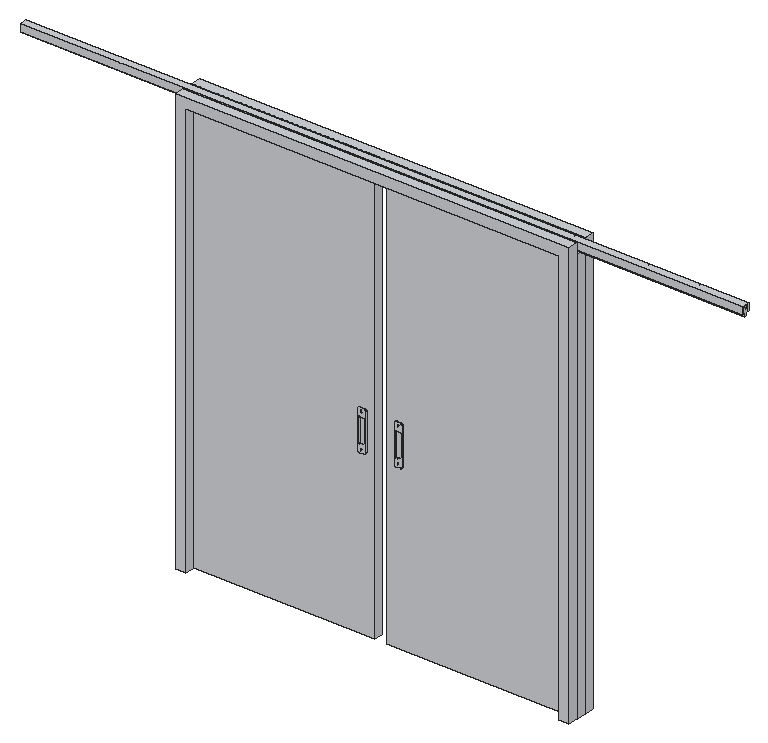
Revit family "Porta de correr sem revestimento - 2 Painéis embutidos na parede", category Portas, Revit 2019
Family settings
  Hospedeiro = Parede
  Número OmniClass = 23.30.10.00
  Título OmniClass = Doors
  Sempre na vertical = Sim
  Corte com vazios quando carregada = Não
  Compartilhado = Não
  Ponto de cálculo do ambiente = Não
Parameters (values of type "920 x 2100mm")
  Visual Light Transmittance = 0
  Espessura = 45 mm
  Solar Heat Gain Coefficient = 0
  Material deslizante = none
  Rough Width = 1940 mm
  Rough Height = 2100 mm
  Largura do painel = (Width - Largura da estrutura * 2) / 2  # 920 mm
  ID do tipo de construção = ""
  Coeficiente de transferência de calor (U) = 3.7021 W/(m²·K)
  Material do puxador = none
  Estender largura = Largura do painel - 60 mm  # 860 mm
  Material do painel = none
  Função = Interior
  Largura da estrutura = 50 mm
  Height = Rough Height  # 2100 mm
  Fechamento da parede = Por hospedeiro
  Width = Rough Width  # 1940 mm
  Material da moldura = none
  Construção analítica = Metal
Types (5, lengths in mm): name | Rough Width | Largura do painel | Estender largura | Width
  (no name) | 1940 | 920 | 860 | 1940
  920 x 2100mm | 1940 | 920 | 860 | 1940
  620 x 2100mm | 1340 | 620 | 560 | 1340
  720 x 2100mm | 1540 | 720 | 660 | 1540
  820 x 2100mm | 1740 | 820 | 760 | 1740
Reference planes
  plane 1 "Centro (Frente/Trás)": y = 0
  plane 2 "Centro (Esquerda/Direita)": x = 0
  plane 3 "Esquerda": x = -970
  plane 4 "Direita": x = 970
  plane 5: z = 2100
  plane 6 "Exterior": y = 75
  plane 7 "Interior": y = -75
  plane 8: z = 0
  plane 9: x = -920
  plane 10: x = 920
  plane 11: y = 22.5
  plane 12: y = -22.5
  plane 13: y = 27.5
  plane 14: y = -27.5
  plane 15: x = -1780
  plane 16: x = -510
  plane 17: x = -1430
  plane 18: z = 1050
  plane 19: z = 900
  plane 20: x = -30
  plane 21: x = 30
  plane 22: x = -90
  plane 23: x = 90
  plane 24: x = 510
  plane 25: x = 1430
  plane 26: x = 1780
  plane 27: x = -647.5
  plane 28: x = -372.5
  plane 29: through (-647.5, -300, 1050) normal (-0.5, 0, 0.866)
  plane 30: through (-647.5, -300, 1050) normal (0.5, 0, 0.866)
  plane 31: x = 647.5
  plane 32: x = 372.5
  plane 33: through (647.5, -300, 1050) normal (-0.5, 0, -0.866)
  plane 34: through (647.5, -300, 1050) normal (0.5, 0, -0.866)
Forms (mm)
  Sweep 1, solid, material <- "Material deslizante", detail levels fine
    path origin (0, 0, 0) x (1, 0, 0) y (0, 0, 1)
      loop
        line (1780, 2100) -> (-1780, 2100)
    profile "Perfil_Deslizante_M : Perfil_Deslizante_M" origin (0, 0, 2100) x (0, 0, -1) y (0, -1, 0)
      loop
        line (33, 2.875) -> (35, 2.875) -> (35, 17.5) -> (0, 17.5) -> (0, -17.5) -> (35, -17.5) -> (35, -2.875) -> (33, -2.875) -> (33, -15.5) -> (2, -15.5) -> (2, 15.5) -> (33, 15.5) -> (33, 2.875)
      loop
        line (21.25, -5.875) -> (21.25, -1.25) -> (50, -1.25) -> (50, 1.25) -> (21.25, 1.25) -> (21.25, 5.875) -> (32, 5.875) -> (32, 10.875) -> (8.25, 10.875) -> (8.25, 5.875) -> (18.75, 5.875) -> (18.75, -5.875) -> (8.25, -5.875) -> (8.25, -10.875) -> (32, -10.875) -> (32, -5.875) -> (21.25, -5.875)
  Extrusion 2, solid, material <- "Material do painel", detail levels medium+fine
    sketch origin (0, 0, 2100) x (0, -1, 0) y (-1, 0, 0)
      loop
        line (-22.5, 970) -> (-22.5, 30) -> (22.5, 30) -> (22.5, 970) -> (-22.5, 970)
    from 50 to 2100
  Extrusion 3, solid, material <- "Material do painel", detail levels fine
    sketch origin (0, 0, 2100) x (0, -1, 0) y (-1, 0, 0)
      loop
        line (-22.5, -30) -> (-22.5, -970) -> (22.5, -970) -> (22.5, -30) -> (-22.5, -30)
    from 50 to 2100
  Sweep 4, solid, material <- "Material da moldura", detail levels medium+fine
    path origin (0, 0, 0) x (1, 0, 0) y (0, 0, 1)
      loop
        line (-970, 0) -> (-970, 2100) -> (970, 2100) -> (970, 0)
    profile origin (-970, 0, 1050) x (-1, 0, 0) y (0, -1, 0)
      loop
        line (0, -75) -> (0, -27.5) -> (-50, -27.5) -> (-50, -75) -> (0, -75)
  Sweep 5, solid, material <- "Material da moldura", detail levels medium+fine
    path origin (0, 0, 0) x (1, 0, 0) y (0, 0, 1)
      loop
        line (-970, 0) -> (-970, 2100) -> (970, 2100) -> (970, 0)
    profile origin (-970, 0, 1050) x (-1, 0, 0) y (0, -1, 0)
      loop
        line (0, 27.5) -> (0, 75) -> (-50, 75) -> (-50, 27.5) -> (0, 27.5)
  Extrusion 6, solid, material <- "Material do painel", detail levels coarse+medium
    sketch origin (0, 0, 2100) x (0, -1, 0) y (-1, 0, 0)
      loop
        line (-27.5, 970) -> (-27.5, 30) -> (27.5, 30) -> (27.5, 970) -> (-27.5, 970)
    from 0 to 2100
  Extrusion 7, solid, material <- "Material do painel", detail levels coarse+medium
    sketch origin (0, 0, 2100) x (0, -1, 0) y (-1, 0, 0)
      loop
        line (-27.5, -30) -> (-27.5, -970) -> (27.5, -970) -> (27.5, -30) -> (-27.5, -30)
    from 0 to 2100
Lines and regions (mm)
  Opening 1
    outline origin (-3739.296, -75, 0) x (1, 0, 0) y (0, 0, 1)
      loop
        line (2769.296, 0) -> (4709.296, 0) -> (4709.296, 2100) -> (2769.296, 2100) -> (2769.296, 0)
  Masking region 1
    outline origin (0, 0, 2100) x (0, -1, 0) y (1, 0, 0)
      loop
        line (-27.5, -1780) -> (27.5, -1780) -> (27.5, -510) -> (-27.5, -510) -> (-27.5, -1780)
  Masking region 2
    outline origin (0, 0, 2100) x (0, -1, 0) y (1, 0, 0)
      loop
        line (-27.5, 510) -> (27.5, 510) -> (27.5, 1780) -> (-27.5, 1780) -> (-27.5, 510)
  symbolic lines, style "DoorsPanelProjection"
    curve 1: line (-970, 27.5, 2100) -> (-1780, 27.5, 2100)
    curve 2: line (-1780, 27.5, 2100) -> (-1780, -27.5, 2100)
    curve 3: line (-1780, -27.5, 2100) -> (-970, -27.5, 2100)
    curve 4: line (-1780, 27.5, 2100) -> (-920, 27.5, 2100)
    curve 9: line (920, 27.5, 2100) -> (1780, 27.5, 2100)
    curve 10: line (1780, -27.5, 2100) -> (920, -27.5, 2100)
    curve 11: line (1780, 27.5, 2100) -> (1780, -27.5, 2100)
  symbolic lines, style "DoorsPanelProjection", detail levels fine
    curve 5: line (-1430, 22.5, 2100) -> (-510, 22.5, 2100)
    curve 6: line (-1430, -22.5, 2100) -> (-1430, 22.5, 2100)
    curve 7: line (-510, -22.5, 2100) -> (-1430, -22.5, 2100)
    curve 8: line (-510, 22.5, 2100) -> (-510, -22.5, 2100)
    curve 12: line (510, 22.5, 2100) -> (1430, 22.5, 2100)
    curve 13: line (510, -22.5, 2100) -> (510, 22.5, 2100)
    curve 14: line (1430, -22.5, 2100) -> (510, -22.5, 2100)
    curve 15: line (1430, 22.5, 2100) -> (1430, -22.5, 2100)
  symbolic lines, style "Giro da elevação", detail levels medium+fine
    curve 16: line (920, 75, 0) -> (30, 75, 2050)
    curve 17: line (30, 75, 0) -> (920, 75, 2050)
    curve 18: line (-30, 75, 2050) -> (-920, 75, 0)
    curve 19: line (-30, 75, 0) -> (-920, 75, 2050)
  symbolic lines, style "Giro da elevação", detail levels coarse
    curve 20: line (970, 75, 2100) -> (30, 75, 0)
    curve 21: line (970, 75, 0) -> (30, 75, 2100)
    curve 22: line (-30, 75, 2100) -> (-970, 75, 0)
    curve 23: line (-970, 75, 2100) -> (-30, 75, 0)
  symbolic lines, style "DoorsPanelProjection", detail levels coarse+medium
    curve 24: line (-970, 27.5, 0) -> (-510, 27.5, 0)
    curve 25: line (-510, 27.5, 0) -> (-510, -27.5, 0)
    curve 26: line (-510, -27.5, 0) -> (-970, -27.5, 0)
    curve 27: line (-1430, 27.5, 0) -> (-1430, -27.5, 0)
    curve 28: line (970, 27.5, 0) -> (510, 27.5, 0)
    curve 29: line (510, 27.5, 0) -> (510, -27.5, 0)
    curve 30: line (510, -27.5, 0) -> (967.059, -27.5, 0)
    curve 31: line (1430, -27.5, 0) -> (1430, 27.5, 0)
  symbolic lines, style "Seta"
    curve 32: line (-647.5, 0, 1050) -> (-372.5, 0, 1050)
    curve 33: line (-647.5, 0, 1050) -> (-569.558, 0, 1095)
    curve 34: line (-647.5, 0, 1050) -> (-569.558, 0, 1005)
    curve 35: line (647.5, 0, 1050) -> (372.5, 0, 1050)
    curve 36: line (647.5, 0, 1050) -> (569.558, 0, 1095)
    curve 37: line (647.5, 0, 1050) -> (569.558, 0, 1005)
Text (mm)
  text "Externo" at (-2295.016, 1099.543, 0), in view "Nível de referência"
  text "Externo" at (0, 1615.38, 3698.081), in view "Esquerda"
  text "Externo" at (0, 1036.032, 3874.932), in view "Direita"
Dimensions and locks
  equal spacing: plane 3 "Esquerda", plane 2 "Centro (Esquerda/Direita)", plane 4 "Direita"
  "Width": plane 3 "Esquerda" to plane 4 "Direita"
  "Height": plane 5 to host wall
  locked: plane 6 "Exterior" to host wall at 0
  locked: plane 7 "Interior" to host wall
  locked: level to plane 8 at 0
  "Largura da estrutura": plane 3 "Esquerda" to plane 9
  "Largura da estrutura": plane 10 to plane 4 "Direita"
  equal spacing: plane 11, plane 1 "Centro (Frente/Trás)", plane 12
  "Espessura": plane 11 to plane 12
  locked: plane 13 to plane 11 at 5
  locked: plane 12 to plane 14 at 5
  "Estender largura": plane 15 to plane 9
  equal spacing: plane 17, plane 3 "Esquerda", plane 16
  "Largura do painel": plane 17 to plane 16
  locked: plane 8 to plane 19 at 900
  equal spacing: plane 20, plane 2 "Centro (Esquerda/Direita)", plane 21
  locked: plane 20 to plane 21 at 60
  plane 22 to plane 20 = 60 mm
  plane 21 to plane 23 = 60 mm
  "Largura do painel": plane 24 to plane 25
  equal spacing: plane 24, plane 4 "Direita", plane 25
  "Estender largura": plane 10 to plane 26
  equal spacing: plane 8, plane 18, plane 5
  locked: plane 27 to plane 28 at 275
  equal spacing: plane 27, plane 16, plane 28
  locked: curve 33 to curve 33 at 90
  locked: curve 34 to curve 34 at 90
  locked: plane 31 to plane 32 at 275
  equal spacing: plane 31, plane 24, plane 32
  locked: curve 36 to curve 36 at 90
  locked: curve 37 to curve 37 at 90
  locked: plane 18 to plane 29 (angle 30.00°)
  locked: plane 30 to plane 18 (angle 30.00°)
  locked: plane 33 to plane 18 (angle 30.00°)
  locked: plane 18 to plane 34 (angle 30.00°)
  aligned and locked: plane 3 "Esquerda" to Opening 1 sketch curve
  aligned and locked: plane 5 to Opening 1 sketch curve  (x2)
  aligned and locked: Opening 1 sketch curve to plane 4 "Direita"
  aligned and locked: Opening 1 sketch curve to level
  aligned and locked: host wall to plane 1 "Centro (Frente/Trás)"
  aligned and locked: plane 13 to curve 1
  aligned and locked: curve 2 to plane 15
  aligned and locked: curve 3 to plane 14
  aligned and locked: plane 5 to Sweep 1 sketch curve
  aligned and locked: Masking region 1 sketch curve to curve 1
  aligned and locked: Masking region 1 sketch curve to curve 2
  aligned and locked: plane 16 to Masking region 1 sketch curve
  aligned and locked: plane 15 to Sweep 1 sketch curve
  aligned and locked: Extrusion 2 sketch curve to plane 12
  aligned and locked: plane 20 to Extrusion 2 sketch curve
  aligned and locked: Extrusion 2 to plane 8
  aligned and locked: plane 11 to Extrusion 3 sketch curve
  aligned and locked: Extrusion 3 sketch curve to plane 21
  aligned and locked: Extrusion 3 sketch curve to plane 12
  aligned and locked: Extrusion 3 sketch curve to plane 4 "Direita"
  aligned and locked: Extrusion 3 to plane 8
  aligned and locked: Extrusion 3 to plane 21
  aligned and locked: Extrusion 3 to plane 4 "Direita"
  aligned and locked: curve 4 to plane 13
  aligned and locked: plane 9 to curve 4
  aligned and locked: curve 5 to plane 11
  aligned and locked: plane 17 to curve 6
  aligned and locked: plane 12 to curve 7
  aligned and locked: curve 8 to plane 16
  aligned and locked: plane 26 to Masking region 2
  aligned and locked: plane 13 to Masking region 2
  aligned and locked: Masking region 2 to plane 24
  aligned and locked: plane 14 to Masking region 2
  aligned and locked: curve 9 to plane 13
  aligned and locked: curve 10 to plane 14
  aligned and locked: curve 11 to plane 26
  aligned and locked: plane 10 to curve 10
  aligned and locked: plane 10 to curve 9
  aligned and locked: plane 24 to curve 13
  aligned and locked: curve 12 to plane 11
  aligned and locked: curve 15 to plane 25
  aligned and locked: curve 14 to plane 12
  aligned and locked: plane 21 to Extrusion 3  (x2)
  aligned and locked: plane 10 to curve 16
  aligned and locked: plane 8 to curve 16
  aligned and locked: plane 21 to curve 16
  aligned and locked: plane 8 to curve 17
  aligned and locked: plane 10 to curve 17
  aligned and locked: plane 20 to curve 19
  aligned and locked: plane 8 to curve 19
  aligned and locked: plane 8 to curve 18
  aligned and locked: plane 9 to curve 18
  aligned and locked: plane 20 to curve 18
  aligned and locked: plane 9 to curve 19
  aligned and locked: plane 26 to Sweep 1 sketch curve
  aligned and locked: Sweep 4 sketch curve to plane 3 "Esquerda"
  aligned and locked: plane 5 to Sweep 4 sketch curve
  aligned and locked: plane 4 "Direita" to Sweep 4 sketch curve
  aligned and locked: plane 6 "Exterior" to Sweep 4 sketch curve
  aligned and locked: Sweep 4 sketch curve to plane 9
  aligned and locked: plane 13 to Sweep 4 sketch curve
  aligned and locked: profile plane to Sweep 4 sketch curve
  aligned and locked: plane 8 to Sweep 4 sketch curve  (x2)
  aligned and locked: Extrusion 3 to Sweep 4
  aligned and locked: Extrusion 2 to Sweep 4
  aligned and locked: curve 17 to Sweep 4
  aligned and locked: Sweep 4 to curve 16
  aligned and locked: Sweep 4 to curve 18
  aligned and locked: Sweep 4 to curve 19
  aligned and locked: Sweep 5 sketch curve to plane 3 "Esquerda"  (x2)
  aligned and locked: plane 5 to Sweep 5 sketch curve
  aligned and locked: plane 4 "Direita" to Sweep 5 sketch curve
  aligned and locked: plane 8 to Sweep 5 sketch curve  (x2)
  aligned and locked: plane 14 to Sweep 5 sketch curve
  aligned and locked: Sweep 5 sketch curve to plane 9
  aligned and locked: Sweep 5 sketch curve to plane 7 "Interior"
  aligned and locked: Extrusion 6 sketch curve to plane 13
  aligned and locked: Extrusion 6 sketch curve to plane 14
  aligned and locked: Extrusion 6 sketch curve to plane 3 "Esquerda"
  aligned and locked: Extrusion 6 sketch curve to plane 20
  aligned and locked: Extrusion 6 to plane 8
  aligned and locked: Extrusion 7 sketch curve to plane 13
  aligned and locked: Extrusion 7 sketch curve to plane 14
  aligned and locked: plane 21 to Extrusion 7 sketch curve
  aligned and locked: plane 4 "Direita" to Extrusion 7 sketch curve
  aligned and locked: Extrusion 7 to plane 8
  aligned and locked: plane 5 to curve 20
  aligned and locked: plane 4 "Direita" to curve 20
  aligned and locked: plane 21 to curve 21
  aligned and locked: plane 5 to curve 21
  aligned and locked: plane 20 to curve 22
  aligned and locked: plane 5 to curve 22
  aligned and locked: plane 3 "Esquerda" to curve 23
  aligned and locked: plane 5 to curve 23
  aligned and locked: plane 8 to curve 21
  aligned and locked: plane 4 "Direita" to curve 21
  aligned and locked: plane 21 to curve 20
  aligned and locked: plane 3 "Esquerda" to curve 22
  aligned and locked: plane 8 to curve 22
  aligned and locked: nested 1 to Extrusion 2
  aligned and locked: nested 2 to Extrusion 2
  aligned and locked: Extrusion 2 to nested 3
  aligned and locked: Extrusion 2 to nested 4
  aligned and locked: curve 27 to plane 17
  aligned and locked: curve 24 to plane 13
  aligned and locked: curve 26 to plane 14
  aligned and locked: curve 25 to plane 16
  aligned and locked: plane 25 to curve 31
  aligned and locked: plane 14 to curve 30
  aligned and locked: curve 29 to plane 24
  aligned and locked: plane 13 to curve 28
  aligned and locked: curve 33 to plane 29
  aligned and locked: curve 34 to plane 30
  aligned and locked: curve 36 to plane 33
  aligned and locked: curve 37 to plane 34
  aligned and locked: nested 5 to plane 5
  aligned and locked: nested 5 to Sweep 1
Automatic sketch dimensions
  curve 3 to plane 3 "Esquerda" = 0 mm
  plane 14 to curve 3 = 0 mm
  curve 1 to plane 3 "Esquerda" = 0 mm
  Masking region 1 sketch curve to plane 14 = 0 mm
  Extrusion 2 sketch curve to plane 11 = 0 mm
  Extrusion 2 sketch curve to plane 3 "Esquerda" = 0 mm
  Masking region 2 sketch curve to plane 13 = 0 mm
  plane 14 to Masking region 2 sketch curve = 0 mm
  Masking region 2 sketch curve to plane 24 = 0 mm
  Masking region 2 sketch curve to plane 26 = 0 mm
  Extrusion 7 sketch curve to plane 13 = 0 mm
  curve 24 to plane 3 "Esquerda" = 0 mm
  curve 26 to plane 3 "Esquerda" = 0 mm
  curve 28 to plane 4 "Direita" = 0 mm
  curve 27 to plane 14 = 0 mm
  plane 14 to curve 31 = 0 mm
  curve 27 to plane 13 = 0 mm
  curve 31 to plane 13 = 0 mm
  plane 4 "Direita" to curve 30 = 2.941 mm
  curve 32 to plane 28 = 0 mm
  plane 32 to curve 35 = 0 mm
Nested families
  nested 1: "Maçaneta da porta 3" at (-90, 22.5, 900), type "Maçaneta da porta 3", detail levels fine
  nested 2: "Maçaneta da porta 3" at (90, 22.5, 900), type "Maçaneta da porta 3", detail levels fine
  nested 3: "Maçaneta da porta 3" at (-90, -22.5, 900), type "Maçaneta da porta 3", detail levels fine
  nested 4: "Maçaneta da porta 3" at (90, -22.5, 900), type "Maçaneta da porta 3", detail levels fine
  nested 5: "Deslizante_G" at (0, 0, 2100), type "Deslizante_G", detail levels medium
Definition of nested family "Maçaneta da porta 3"
  Parameters
    Width = 40 mm
    Thickness = 3 mm
    Rough Width = Width  # 40 mm
    Rough Height = Height  # 200 mm
    Height = 200 mm
    Material do puxador = none
  Reference planes
    plane 1 "Centro (Frente/Trás)": y = 0
    plane 2: z = 0
    plane 3 "Centro (Esquerda/Direita)": x = 0
    plane 4: x = -20
    plane 5: x = 20
    plane 6: y = 3
    plane 7: z = 100
    plane 8: z = -100
    plane 9: y = -10
    plane 10: x = 15
    plane 11: x = -15
    plane 12: z = 60
    plane 13: z = -60
    plane 14: z = 85
    plane 15: z = -85
    plane 16: z = 62
    plane 17: x = 17
    plane 18: x = -17
    plane 19: z = -62
    plane 20: y = -8
    plane 21: y = -15
  Forms (mm)
    Extrusion 1, solid, material <- "Material do puxador"
      sketch origin (0, 0, 0) x (1, 0, 0) y (0, 0, 1)
        loop
          line (10, 100) -> (-10, 100)
          arc (-10, 100) -> (-17.071, 97.071) -> (-20, 90) r 10
          line (-20, 90) -> (-20, -90)
          arc (-20, -90) -> (-17.071, -97.071) -> (-10, -100) r 10
          line (-10, -100) -> (10, -100)
          arc (10, -100) -> (17.071, -97.071) -> (20, -90) r 10
          line (20, -90) -> (20, 90)
          arc (20, 90) -> (17.071, 97.071) -> (10, 100) r 10
        loop
          line (10, 60) -> (-10, 60)
          arc (-10, 60) -> (-13.536, 58.536) -> (-15, 55) r 5
          line (-15, 55) -> (-15, -55)
          arc (-15, -55) -> (-13.536, -58.536) -> (-10, -60) r 5
          line (-10, -60) -> (10, -60)
          arc (10, -60) -> (13.536, -58.536) -> (15, -55) r 5
          line (15, -55) -> (15, 55)
          arc (15, 55) -> (13.536, 58.536) -> (10, 60) r 5
        loop
          circle (0, 85) r 5
        loop
          circle (0, -85) r 5
      from -3 to 0
    Extrusion 2, solid, material <- "Material do puxador"
      sketch origin (0, 0, 0) x (1, 0, 0) y (0, 0, 1)
        loop
          arc (-10, 60) -> (-13.536, 58.536) -> (-15, 55) r 5
          line (-15, 55) -> (-15, -55)
          arc (-15, -55) -> (-13.536, -58.536) -> (-10, -60) r 5
          line (-10, -60) -> (10, -60)
          arc (10, -60) -> (13.536, -58.536) -> (15, -55) r 5
          line (15, -55) -> (15, 55)
          arc (15, 55) -> (13.536, 58.536) -> (10, 60) r 5
          line (10, 60) -> (-10, 60)
        loop
          arc (-10, 62) -> (-14.95, 59.95) -> (-17, 55) r 7
          line (-17, 55) -> (-17, -55)
          arc (-17, -55) -> (-14.95, -59.95) -> (-10, -62) r 7
          line (-10, -62) -> (10, -62)
          arc (10, -62) -> (14.95, -59.95) -> (17, -55) r 7
          line (17, -55) -> (17, 55)
          arc (17, 55) -> (14.95, 59.95) -> (10, 62) r 7
          line (10, 62) -> (-10, 62)
      from 0 to 10
    Extrusion 3, solid, material <- "Material do puxador"
      sketch origin (0, 0, 0) x (1, 0, 0) y (0, 0, 1)
        loop
          arc (-10, 60) -> (-13.536, 58.536) -> (-15, 55) r 5
          line (-15, 55) -> (-15, -55)
          arc (-15, -55) -> (-13.536, -58.536) -> (-10, -60) r 5
          line (-10, -60) -> (10, -60)
          arc (10, -60) -> (13.536, -58.536) -> (15, -55) r 5
          line (15, -55) -> (15, 55)
          arc (15, 55) -> (13.536, 58.536) -> (10, 60) r 5
          line (10, 60) -> (-10, 60)
      from 8 to 10
    Extrusion 4, void
      sketch origin (0, 0, 0) x (1, 0, 0) y (0, 0, 1)
        loop
          line (-17, 62) -> (-17, -62) -> (17, -62) -> (17, 62) -> (-17, 62)
      from 0 to 15
  Cuts and joins
    Extrusion 4 cuts Extrusion 1
    Extrusion 4 cuts Extrusion 2
    Extrusion 4 cuts Extrusion 3
    joined: Extrusion 1, Extrusion 2, Extrusion 3
  Dimensions and locks
    equal spacing: plane 4, plane 3 "Centro (Esquerda/Direita)", plane 5
    "Thickness": plane 6 to plane 1 "Centro (Frente/Trás)"
    "Width": plane 4 to plane 5
    equal spacing: plane 7, plane 2, plane 8
    "Height": plane 7 to plane 8
    locked: plane 10 to plane 5 at 5
    locked: plane 4 to plane 11 at 5
    locked: plane 8 to plane 13 at 40
    locked: plane 12 to plane 7 at 40
    locked: plane 14 to plane 7 at 15
    locked: plane 8 to plane 15 at 15
    locked: plane 9 to cut or joined group of Extrusion 1, Extrusion 2, Extrusion 3, Extrusion 4 at 10
    locked: plane 18 to plane 11 at 2
    locked: plane 19 to plane 13 at 2
    locked: plane 12 to plane 16 at 2
    locked: plane 10 to plane 17 at 2
    locked: plane 20 to plane 9 at 2
    locked: plane 9 to plane 21 at 5
    radius of Extrusion 1 sketch curve = 10 mm  (x4)
    radius of Extrusion 1 sketch curve = 5 mm  (x6)
    radius of Extrusion 2 sketch curve = 7 mm  (x4)
    aligned and locked: level to plane 2
    aligned and locked: plane 7 to Extrusion 1 sketch curve
    aligned and locked: plane 5 to Extrusion 1 sketch curve
    aligned and locked: Extrusion 1 sketch curve to plane 8
    aligned and locked: Extrusion 1 sketch curve to plane 4
    aligned and locked: plane 12 to Extrusion 1 sketch curve
    aligned and locked: Extrusion 1 sketch curve to plane 10
    aligned and locked: Extrusion 1 sketch curve to plane 13
    aligned and locked: plane 11 to Extrusion 1 sketch curve
    aligned and locked: plane 6 to Extrusion 1
    aligned and locked: plane 1 "Centro (Frente/Trás)" to Extrusion 1
    aligned and locked: plane 14 to Extrusion 1 sketch curve
    aligned and locked: plane 3 "Centro (Esquerda/Direita)" to Extrusion 1 sketch curve  (x2)
    aligned and locked: plane 15 to Extrusion 1 sketch curve
    aligned and locked: Extrusion 2 sketch curve to Extrusion 1  (x4)
    aligned and locked: Extrusion 2 to plane 1 "Centro (Frente/Trás)"
    aligned and locked: Extrusion 2 to plane 9
    aligned and locked: plane 16 to Extrusion 2 sketch curve
    aligned and locked: Extrusion 2 sketch curve to plane 17
    aligned and locked: plane 19 to Extrusion 2 sketch curve
    aligned and locked: Extrusion 2 sketch curve to plane 18
    aligned and locked: Extrusion 3 sketch curve to cut or joined group of Extrusion 1, Extrusion 2, Extrusion 3, Extrusion 4  (x4)
    aligned and locked: plane 20 to Extrusion 3
    aligned and locked: Extrusion 3 to plane 9
    aligned and locked: Extrusion 4 sketch curve to plane 16
    aligned and locked: plane 18 to Extrusion 4 sketch curve
    aligned and locked: Extrusion 4 sketch curve to plane 19
    aligned and locked: plane 17 to Extrusion 4 sketch curve
    aligned and locked: Extrusion 4 to plane 1 "Centro (Frente/Trás)"
    aligned and locked: Extrusion 4 to plane 21
  Automatic sketch dimensions
    Extrusion 1 sketch curve to plane 4 = 0 mm
    Extrusion 1 sketch curve to plane 5 = 0 mm
Definition of nested family "Deslizante_G"
  Reference planes
    plane 1 "Centro (Frente/Trás)": y = 0
    plane 2: z = 0
    plane 3 "Centro (Esquerda/Direita)": x = 0
  Lines and regions (mm)
    symbolic lines
      curve 1: line (0, -17.5, 0) -> (0, 17.5, 0)
      curve 2: line (0, 17.5, 0) -> (0, 17.5, -35)
      curve 3: line (0, 17.5, -35) -> (0, 1.25, -35)
      curve 4: line (0, -17.5, -35) -> (0, -17.5, 0)
      curve 5: line (0, -1.25, -35) -> (0, -17.5, -35)
      curve 6: line (0, -1.25, -35) -> (0, -1.25, -50)
      curve 7: line (0, 1.25, -50) -> (0, 1.25, -25)
      curve 8: line (0, -1.25, -35) -> (0, -1.25, -25)
      curve 9: line (0, -1.25, -25) -> (0, 1.25, -25)
      curve 10: line (0, 1.25, -50) -> (0, -1.25, -50)
  Dimensions and locks
    aligned and locked: level to plane 2
